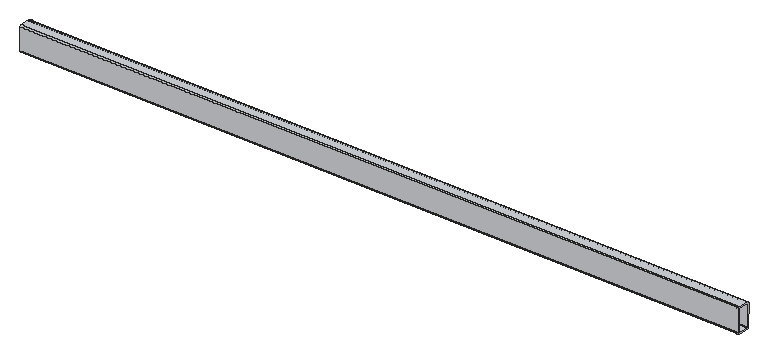
Revit family "CENTUM Profil XL 200 6m L2D", category HLS-Bauteile, Revit 2023
Family settings
  Bemaßung runder Anschluss = Durchmesser verwenden
  Teiletyp = Normal
  Arbeitsebenenbasiert = Ja
  Immer vertikal = Nein
  Beim Laden mit Abzugskörper schneiden = Nein
  Beschriftungsausrichtung beibehalten = Nein
  Gemeinsam genutzt = Ja
  Raumberechnungspunkt = Nein
Parameters (values of type "CENTUM Profil XL200 L=6000 L2D")
  vpe = "6"
  Widerstandsmoment Wz = "86.69 cm³"
  Widerstandsmoment Wy = "125.56 cm³"
  Default Elevation = 1219.2 mm
  Trägheitsradius iz = "4.24 cm"
  Trägheitsradius iy = "7.21 cm"
  Torsionswiderstandsmoment Wt = "185.25 cm³"
  Stärke = 5 mm
  Streckgrenze = "275 N/mm²"
  Schwerpunktabstand ez = " cm"
  Schwerpunktabstand eu = " cm"
  Schwerpunktabstand eo = " cm"
  Schlitzbreite = " mm"
  Regelhalter [instance] = ""
  Profiltyp = "XL 200"
  Profil = "CENTUM"
  Oberflaeche = "feuerstückverzinkt"
  Montagelänge [instance] = 6000 mm
  Mengeneinheit = "m"
  Materialname = "S235"
  Material = "Stahl"
  Länge = 6000 mm
  Lochdurchmesser = " mm"
  Langloch = "14.0 x 65.0 mm"
  Kurztext2 = "100 / 200 / 5 mm L= 6 m fsv"
  Kurztext1 = "Montageprofil CENTUM XL 200"
  Höhe = "200 mm"
  Gewicht pro Stück [instance] = (Gewicht * Montagelänge / (1000 mm * 1000 mm)) * 1000 mm  # 122.76 kg
  Gewicht pro Bauteil [instance] = Gewicht pro Stück  # 122.76 kg
  Gewicht = 20.46 kg
  Gesamtlänge [instance] = Montagelänge  # 6000 mm
  Gesamtgewicht [instance] = Gewicht pro Bauteil  # 122.76 kg
  Fläche (schwächster Profilquerschnitt) = 0.002415 m²
  Firma = "MEFA Befestigungs- und Montagesysteme GmbH"
  Fabrikat = "MEFA"
  Erweiterung Langloch = " mm"
  EAN = "4250928449399"
  Bund = "24 m"
  Breite = 100 mm
  Artikelnummer = "16020060"
  Anzahl Langloch [instance] = Montagelänge / 80 mm  # 75
  Abmessung = "100/200/5.0 mm"
Reference planes
  plane 1 "Mitte (Vorne/hinten)": y = 0
  plane 2: z = 0
  plane 3 "Mitte (Links/rechts)": x = 0
  plane 4: x = 6000
Forms (mm)
  Extrusion 1, solid, detail levels fine
    sketch origin (0, 0, 0) x (0, 1, 0) y (0, 0, 1)
      loop
        arc (42, 0) -> (47.657, 2.343) -> (50, 8) r 8
        line (50, 8) -> (50, 192)
        arc (50, 192) -> (47.657, 197.657) -> (42, 200) r 8
        line (42, 200) -> (-42, 200)
        arc (-42, 200) -> (-47.657, 197.657) -> (-50, 192) r 8
        line (-50, 192) -> (-50, 8)
        arc (-50, 8) -> (-47.657, 2.343) -> (-42, 0) r 8
        line (-42, 0) -> (42, 0)
      loop
        arc (-41, 195) -> (-43.828, 193.828) -> (-45, 191) r 4
        line (-45, 191) -> (-45, 9)
        arc (-45, 9) -> (-43.828, 6.172) -> (-41, 5) r 4
        line (-41, 5) -> (41, 5)
        arc (41, 5) -> (43.828, 6.172) -> (45, 9) r 4
        line (45, 9) -> (45, 191)
        arc (45, 191) -> (43.828, 193.828) -> (41, 195) r 4
        line (41, 195) -> (-41, 195)
    from 0 to 6000
  Extrusion 2, solid, detail levels medium
    sketch origin (0, 0, 0) x (0, 1, 0) y (0, 0, 1)
      loop
        line (50, 0) -> (50, 200) -> (-50, 200) -> (-50, 0) -> (50, 0)
      loop
        line (-45, 195) -> (-45, 5) -> (45, 5) -> (45, 195) -> (-45, 195)
    from 0 to 6000
  Extrusion 3, solid, detail levels coarse
    sketch origin (0, 0, 0) x (0, 1, 0) y (0, 0, 1)
      loop
        line (50, 0) -> (50, 200) -> (-50, 200) -> (-50, 0) -> (50, 0)
    from 0 to 6000
Lines and regions (mm)
  model lines
    curve 1: line (0, 0, 210) -> (0, 0, -10)
    curve 2: line (0, 60, 150) -> (0, -60, 150)
    curve 3: line (0, 60, 50) -> (0, -60, 50)
    curve 4: line (0, 60, 100) -> (0, -60, 100)
Dimensions and locks
  "Montagelänge": plane 4 to plane 3 "Mitte (Links/rechts)"
  equal spacing: group 1, group 2, group 3, group 4, group 5, group 6, group 7, group 8, group 9, group 10, group 11, group 12, group 13, group 14, group 15, group 16, group 17, group 18, group 19, group 20, group 21, group 22, group 23, group 24, group 25, group 26, group 27, group 28, group 29, group 30, group 31, group 32, group 33, group 34, group 35, group 36, group 37, group 38, group 39, group 40, group 41, group 42, group 43, group 44, group 45, group 46, group 47, group 48, group 49, group 50, group 51, group 52, group 53, group 54, group 55, group 56, group 57, group 58, group 59, group 60, group 61, group 62, group 63, group 64, group 65, group 66, group 67, group 68, group 69, group 70, group 71, group 72, group 73, group 74, group 75  (x3)
  aligned and locked: level to plane 2
  aligned and locked: plane 4 to Extrusion 1
  aligned and locked: Extrusion 3 to Extrusion 1
  aligned and locked: Extrusion 2 to Extrusion 1
  aligned and locked: plane 1 "Mitte (Vorne/hinten)" to nested 4
  aligned and locked: nested 1 to nested 4  (x2)
  aligned and locked: nested 5 to curve 2
  aligned and locked: nested 6 to curve 3
  aligned and locked: nested 2 to curve 2
  aligned and locked: nested 3 to curve 3
  aligned and locked: nested 2 to nested 5
  aligned and locked: nested 2 to nested 6
  aligned and locked: nested 3 to nested 6
  aligned and locked: nested 7 to nested 10  (x2)
  aligned and locked: nested 8 to nested 11
  aligned and locked: nested 8 to nested 12
  aligned and locked: nested 9 to nested 12
  aligned and locked: nested 13 to nested 16  (x2)
  aligned and locked: nested 14 to nested 17
  aligned and locked: nested 14 to nested 18
  aligned and locked: nested 15 to nested 18
  aligned and locked: nested 19 to nested 22  (x2)
  aligned and locked: nested 20 to nested 23
  aligned and locked: nested 20 to nested 24
  aligned and locked: nested 21 to nested 24
  aligned and locked: nested 25 to nested 28  (x2)
  aligned and locked: nested 26 to nested 29
  aligned and locked: nested 26 to nested 30
  aligned and locked: nested 27 to nested 30
  aligned and locked: nested 31 to nested 34  (x2)
  aligned and locked: nested 32 to nested 35
  aligned and locked: nested 32 to nested 36
  aligned and locked: nested 33 to nested 36
  aligned and locked: nested 37 to nested 40  (x2)
  aligned and locked: nested 38 to nested 41
  aligned and locked: nested 38 to nested 42
  aligned and locked: nested 39 to nested 42
  aligned and locked: nested 43 to nested 46  (x2)
  aligned and locked: nested 44 to nested 47
  aligned and locked: nested 44 to nested 48
  aligned and locked: nested 45 to nested 48
  aligned and locked: nested 49 to nested 52  (x2)
  aligned and locked: nested 50 to nested 53
  aligned and locked: nested 50 to nested 54
  aligned and locked: nested 51 to nested 54
  aligned and locked: nested 55 to nested 58  (x2)
  aligned and locked: nested 56 to nested 59
  aligned and locked: nested 56 to nested 60
  aligned and locked: nested 57 to nested 60
  aligned and locked: nested 61 to nested 64  (x2)
  aligned and locked: nested 62 to nested 65
  aligned and locked: nested 62 to nested 66
  aligned and locked: nested 63 to nested 66
  aligned and locked: nested 67 to nested 70  (x2)
  aligned and locked: nested 68 to nested 71
  aligned and locked: nested 68 to nested 72
  aligned and locked: nested 69 to nested 72
  aligned and locked: nested 73 to nested 76  (x2)
  aligned and locked: nested 74 to nested 77
  aligned and locked: nested 74 to nested 78
  aligned and locked: nested 75 to nested 78
  aligned and locked: nested 79 to nested 82  (x2)
  aligned and locked: nested 80 to nested 83
  aligned and locked: nested 80 to nested 84
  aligned and locked: nested 81 to nested 84
  aligned and locked: nested 85 to nested 88  (x2)
  aligned and locked: nested 86 to nested 89
  aligned and locked: nested 86 to nested 90
  aligned and locked: nested 87 to nested 90
  aligned and locked: nested 91 to nested 94  (x2)
  aligned and locked: nested 92 to nested 95
  aligned and locked: nested 92 to nested 96
  aligned and locked: nested 93 to nested 96
  aligned and locked: nested 97 to nested 100  (x2)
  aligned and locked: nested 98 to nested 101
  aligned and locked: nested 98 to nested 102
  aligned and locked: nested 99 to nested 102
  aligned and locked: nested 103 to nested 106  (x2)
  aligned and locked: nested 104 to nested 107
  aligned and locked: nested 104 to nested 108
  aligned and locked: nested 105 to nested 108
  aligned and locked: nested 109 to nested 112  (x2)
  aligned and locked: nested 110 to nested 113
  aligned and locked: nested 110 to nested 114
  aligned and locked: nested 111 to nested 114
  aligned and locked: nested 115 to nested 118  (x2)
  aligned and locked: nested 116 to nested 119
  aligned and locked: nested 116 to nested 120
  aligned and locked: nested 117 to nested 120
  aligned and locked: nested 121 to nested 124  (x2)
  aligned and locked: nested 122 to nested 125
  aligned and locked: nested 122 to nested 126
  aligned and locked: nested 123 to nested 126
  aligned and locked: nested 127 to nested 130  (x2)
  aligned and locked: nested 128 to nested 131
  aligned and locked: nested 128 to nested 132
  aligned and locked: nested 129 to nested 132
  aligned and locked: nested 133 to nested 136  (x2)
  aligned and locked: nested 134 to nested 137
  aligned and locked: nested 134 to nested 138
  aligned and locked: nested 135 to nested 138
  aligned and locked: nested 139 to nested 142  (x2)
  aligned and locked: nested 140 to nested 143
  aligned and locked: nested 140 to nested 144
  aligned and locked: nested 141 to nested 144
  aligned and locked: nested 145 to nested 148  (x2)
  aligned and locked: nested 146 to nested 149
  aligned and locked: nested 146 to nested 150
  aligned and locked: nested 147 to nested 150
  aligned and locked: nested 151 to nested 154  (x2)
  aligned and locked: nested 152 to nested 155
  aligned and locked: nested 152 to nested 156
  aligned and locked: nested 153 to nested 156
  aligned and locked: nested 157 to nested 160  (x2)
  aligned and locked: nested 158 to nested 161
  aligned and locked: nested 158 to nested 162
  aligned and locked: nested 159 to nested 162
  aligned and locked: nested 163 to nested 166  (x2)
  aligned and locked: nested 164 to nested 167
  aligned and locked: nested 164 to nested 168
  aligned and locked: nested 165 to nested 168
  aligned and locked: nested 169 to nested 172  (x2)
  aligned and locked: nested 170 to nested 173
  aligned and locked: nested 170 to nested 174
  aligned and locked: nested 171 to nested 174
  aligned and locked: nested 175 to nested 178  (x2)
  aligned and locked: nested 176 to nested 179
  aligned and locked: nested 176 to nested 180
  aligned and locked: nested 177 to nested 180
  aligned and locked: nested 181 to nested 184  (x2)
  aligned and locked: nested 182 to nested 185
  aligned and locked: nested 182 to nested 186
  aligned and locked: nested 183 to nested 186
  aligned and locked: nested 187 to nested 190  (x2)
  aligned and locked: nested 188 to nested 191
  aligned and locked: nested 188 to nested 192
  aligned and locked: nested 189 to nested 192
  aligned and locked: nested 193 to nested 196  (x2)
  aligned and locked: nested 194 to nested 197
  aligned and locked: nested 194 to nested 198
  aligned and locked: nested 195 to nested 198
  aligned and locked: nested 199 to nested 202  (x2)
  aligned and locked: nested 200 to nested 203
  aligned and locked: nested 200 to nested 204
  aligned and locked: nested 201 to nested 204
  aligned and locked: nested 205 to nested 208  (x2)
  aligned and locked: nested 206 to nested 209
  aligned and locked: nested 206 to nested 210
  aligned and locked: nested 207 to nested 210
  aligned and locked: nested 211 to nested 214  (x2)
  aligned and locked: nested 212 to nested 215
  aligned and locked: nested 212 to nested 216
  aligned and locked: nested 213 to nested 216
  aligned and locked: nested 217 to nested 220  (x2)
  aligned and locked: nested 218 to nested 221
  aligned and locked: nested 218 to nested 222
  aligned and locked: nested 219 to nested 222
  aligned and locked: nested 223 to nested 226  (x2)
  aligned and locked: nested 224 to nested 227
  aligned and locked: nested 224 to nested 228
  aligned and locked: nested 225 to nested 228
  aligned and locked: nested 229 to nested 232  (x2)
  aligned and locked: nested 230 to nested 233
  aligned and locked: nested 230 to nested 234
  aligned and locked: nested 231 to nested 234
  aligned and locked: nested 235 to nested 238  (x2)
  aligned and locked: nested 236 to nested 239
  aligned and locked: nested 236 to nested 240
  aligned and locked: nested 237 to nested 240
  aligned and locked: nested 241 to nested 244  (x2)
  aligned and locked: nested 242 to nested 245
  aligned and locked: nested 242 to nested 246
  aligned and locked: nested 243 to nested 246
  aligned and locked: nested 247 to nested 250  (x2)
  aligned and locked: nested 248 to nested 251
  aligned and locked: nested 248 to nested 252
  aligned and locked: nested 249 to nested 252
  aligned and locked: nested 253 to nested 256  (x2)
  aligned and locked: nested 254 to nested 257
  aligned and locked: nested 254 to nested 258
  aligned and locked: nested 255 to nested 258
  aligned and locked: nested 259 to nested 262  (x2)
  aligned and locked: nested 260 to nested 263
  aligned and locked: nested 260 to nested 264
  aligned and locked: nested 261 to nested 264
  aligned and locked: nested 265 to nested 268  (x2)
  aligned and locked: nested 266 to nested 269
  aligned and locked: nested 266 to nested 270
  aligned and locked: nested 267 to nested 270
  aligned and locked: nested 271 to nested 274  (x2)
  aligned and locked: nested 272 to nested 275
  aligned and locked: nested 272 to nested 276
  aligned and locked: nested 273 to nested 276
  aligned and locked: nested 277 to nested 280  (x2)
  aligned and locked: nested 278 to nested 281
  aligned and locked: nested 278 to nested 282
  aligned and locked: nested 279 to nested 282
  aligned and locked: nested 283 to nested 286  (x2)
  aligned and locked: nested 284 to nested 287
  aligned and locked: nested 284 to nested 288
  aligned and locked: nested 285 to nested 288
  aligned and locked: nested 289 to nested 292  (x2)
  aligned and locked: nested 290 to nested 293
  aligned and locked: nested 290 to nested 294
  aligned and locked: nested 291 to nested 294
  aligned and locked: nested 295 to nested 298  (x2)
  aligned and locked: nested 296 to nested 299
  aligned and locked: nested 296 to nested 300
  aligned and locked: nested 297 to nested 300
  aligned and locked: nested 301 to nested 304  (x2)
  aligned and locked: nested 302 to nested 305
  aligned and locked: nested 302 to nested 306
  aligned and locked: nested 303 to nested 306
  aligned and locked: nested 307 to nested 310  (x2)
  aligned and locked: nested 308 to nested 311
  aligned and locked: nested 308 to nested 312
  aligned and locked: nested 309 to nested 312
  aligned and locked: nested 313 to nested 316  (x2)
  aligned and locked: nested 314 to nested 317
  aligned and locked: nested 314 to nested 318
  aligned and locked: nested 315 to nested 318
  aligned and locked: nested 319 to nested 322  (x2)
  aligned and locked: nested 320 to nested 323
  aligned and locked: nested 320 to nested 324
  aligned and locked: nested 321 to nested 324
  aligned and locked: nested 325 to nested 328  (x2)
  aligned and locked: nested 326 to nested 329
  aligned and locked: nested 326 to nested 330
  aligned and locked: nested 327 to nested 330
  aligned and locked: nested 331 to nested 334  (x2)
  aligned and locked: nested 332 to nested 335
  aligned and locked: nested 332 to nested 336
  aligned and locked: nested 333 to nested 336
  aligned and locked: nested 337 to nested 340  (x2)
  aligned and locked: nested 338 to nested 341
  aligned and locked: nested 338 to nested 342
  aligned and locked: nested 339 to nested 342
  aligned and locked: nested 343 to nested 346  (x2)
  aligned and locked: nested 344 to nested 347
  aligned and locked: nested 344 to nested 348
  aligned and locked: nested 345 to nested 348
  aligned and locked: nested 349 to nested 352  (x2)
  aligned and locked: nested 350 to nested 353
  aligned and locked: nested 350 to nested 354
  aligned and locked: nested 351 to nested 354
  aligned and locked: nested 355 to nested 358  (x2)
  aligned and locked: nested 356 to nested 359
  aligned and locked: nested 356 to nested 360
  aligned and locked: nested 357 to nested 360
  aligned and locked: nested 361 to nested 364  (x2)
  aligned and locked: nested 362 to nested 365
  aligned and locked: nested 362 to nested 366
  aligned and locked: nested 363 to nested 366
  aligned and locked: nested 367 to nested 370  (x2)
  aligned and locked: nested 368 to nested 371
  aligned and locked: nested 368 to nested 372
  aligned and locked: nested 369 to nested 372
  aligned and locked: nested 373 to nested 376  (x2)
  aligned and locked: nested 374 to nested 377
  aligned and locked: nested 374 to nested 378
  aligned and locked: nested 375 to nested 378
  aligned and locked: nested 379 to nested 382  (x2)
  aligned and locked: nested 380 to nested 383
  aligned and locked: nested 380 to nested 384
  aligned and locked: nested 381 to nested 384
  aligned and locked: nested 385 to nested 388  (x2)
  aligned and locked: nested 386 to nested 389
  aligned and locked: nested 386 to nested 390
  aligned and locked: nested 387 to nested 390
  aligned and locked: nested 391 to nested 394  (x2)
  aligned and locked: nested 392 to nested 395
  aligned and locked: nested 392 to nested 396
  aligned and locked: nested 393 to nested 396
  aligned and locked: nested 397 to nested 400  (x2)
  aligned and locked: nested 398 to nested 401
  aligned and locked: nested 398 to nested 402
  aligned and locked: nested 399 to nested 402
  aligned and locked: nested 403 to nested 406  (x2)
  aligned and locked: nested 404 to nested 407
  aligned and locked: nested 404 to nested 408
  aligned and locked: nested 405 to nested 408
  aligned and locked: nested 409 to nested 412  (x2)
  aligned and locked: nested 410 to nested 413
  aligned and locked: nested 410 to nested 414
  aligned and locked: nested 411 to nested 414
  aligned and locked: nested 415 to nested 418  (x2)
  aligned and locked: nested 416 to nested 419
  aligned and locked: nested 416 to nested 420
  aligned and locked: nested 417 to nested 420
  aligned and locked: nested 421 to nested 424  (x2)
  aligned and locked: nested 422 to nested 425
  aligned and locked: nested 422 to nested 426
  aligned and locked: nested 423 to nested 426
  aligned and locked: nested 427 to nested 430  (x2)
  aligned and locked: nested 428 to nested 431
  aligned and locked: nested 428 to nested 432
  aligned and locked: nested 429 to nested 432
  aligned and locked: nested 433 to nested 436  (x2)
  aligned and locked: nested 434 to nested 437
  aligned and locked: nested 434 to nested 438
  aligned and locked: nested 435 to nested 438
  aligned and locked: nested 439 to nested 442  (x2)
  aligned and locked: nested 440 to nested 443
  aligned and locked: nested 440 to nested 444
  aligned and locked: nested 441 to nested 444
  aligned and locked: nested 445 to nested 448  (x2)
  aligned and locked: nested 446 to nested 449
  aligned and locked: nested 446 to nested 450
  aligned and locked: nested 447 to nested 450
Automatic sketch dimensions
  Extrusion 1 sketch curve to level = 0 mm
  level to Extrusion 1 sketch curve = 8 mm  (x2)
  plane 1 "Mitte (Vorne/hinten)" to Extrusion 1 sketch curve = 50 mm
  Extrusion 1 sketch curve to plane 1 "Mitte (Vorne/hinten)" = 42 mm  (x2)
  Extrusion 1 sketch curve to Extrusion 1 sketch curve = 184 mm
  Extrusion 1 sketch curve to Extrusion 1 sketch curve = 1 mm  (x7)
  Extrusion 1 sketch curve to Extrusion 1 sketch curve = 5 mm
  Extrusion 1 sketch curve to Extrusion 1 sketch curve = 3 mm
  curve 1 to plane 1 "Mitte (Vorne/hinten)" = 0 mm
  curve 1 to level = 10 mm
  plane 1 "Mitte (Vorne/hinten)" to curve 3 = 60 mm
  curve 4 to curve 3 = 0 mm
  curve 2 to curve 4 = 0 mm  (x2)
  curve 4 to plane 1 "Mitte (Vorne/hinten)" = 60 mm
  curve 3 to curve 4 = 0 mm
  level to curve 3 = 50 mm
  curve 3 to curve 4 = 50 mm
  curve 4 to curve 2 = 50 mm
  curve 2 to curve 1 = 60 mm
  level to Extrusion 2 sketch curve = 0 mm
  plane 1 "Mitte (Vorne/hinten)" to Extrusion 2 sketch curve = 50 mm
  Extrusion 2 sketch curve to Extrusion 2 sketch curve = 5 mm  (x4)
  Extrusion 2 sketch curve to Extrusion 2 sketch curve = 190 mm
  Extrusion 2 sketch curve to plane 1 "Mitte (Vorne/hinten)" = 45 mm
  Extrusion 3 sketch curve to level = 0 mm
  plane 1 "Mitte (Vorne/hinten)" to Extrusion 3 sketch curve = 50 mm
  Extrusion 3 sketch curve to plane 1 "Mitte (Vorne/hinten)" = 50 mm
  Extrusion 3 sketch curve to Extrusion 3 sketch curve = 200 mm
Nested families
  nested 1: "Langloch 14 x 65 2D" at (40, 0, 200) x (-1, 0, 0) z (0, 0, 1), type "Langloch 14 x 65 2D"
  nested 2: "Langloch 14 x 65 2D" at (40, -50, 150) x (-1, 0, 0) z (0, -1, 0), type "Langloch 14 x 65 2D"
  nested 3: "Langloch 14 x 65 2D" at (40, -50, 50) x (-1, 0, 0) z (0, -1, 0), type "Langloch 14 x 65 2D"
  nested 4: "Langloch 14 x 65 2D" at (40, 0, 0) x (-1, 0, 0) z (0, 0, -1), type "Langloch 14 x 65 2D"
  nested 5: "Langloch 14 x 65 2D" at (40, 50, 150) x (-1, 0, 0) z (0, 1, 0), type "Langloch 14 x 65 2D"
  nested 6: "Langloch 14 x 65 2D" at (40, 50, 50) x (-1, 0, 0) z (0, 1, 0), type "Langloch 14 x 65 2D"
  nested 7: "Langloch 14 x 65 2D" at (120, 0, 200) x (-1, 0, 0) z (0, 0, 1), type "Langloch 14 x 65 2D"
  nested 8: "Langloch 14 x 65 2D" at (120, -50, 150) x (-1, 0, 0) z (0, -1, 0), type "Langloch 14 x 65 2D"
  nested 9: "Langloch 14 x 65 2D" at (120, -50, 50) x (-1, 0, 0) z (0, -1, 0), type "Langloch 14 x 65 2D"
  nested 10: "Langloch 14 x 65 2D" at (120, 0, 0) x (-1, 0, 0) z (0, 0, -1), type "Langloch 14 x 65 2D"
  nested 11: "Langloch 14 x 65 2D" at (120, 50, 150) x (-1, 0, 0) z (0, 1, 0), type "Langloch 14 x 65 2D"
  nested 12: "Langloch 14 x 65 2D" at (120, 50, 50) x (-1, 0, 0) z (0, 1, 0), type "Langloch 14 x 65 2D"
  nested 13: "Langloch 14 x 65 2D" at (200, 0, 200) x (-1, 0, 0) z (0, 0, 1), type "Langloch 14 x 65 2D"
  nested 14: "Langloch 14 x 65 2D" at (200, -50, 150) x (-1, 0, 0) z (0, -1, 0), type "Langloch 14 x 65 2D"
  nested 15: "Langloch 14 x 65 2D" at (200, -50, 50) x (-1, 0, 0) z (0, -1, 0), type "Langloch 14 x 65 2D"
  nested 16: "Langloch 14 x 65 2D" at (200, 0, 0) x (-1, 0, 0) z (0, 0, -1), type "Langloch 14 x 65 2D"
  nested 17: "Langloch 14 x 65 2D" at (200, 50, 150) x (-1, 0, 0) z (0, 1, 0), type "Langloch 14 x 65 2D"
  nested 18: "Langloch 14 x 65 2D" at (200, 50, 50) x (-1, 0, 0) z (0, 1, 0), type "Langloch 14 x 65 2D"
  nested 19: "Langloch 14 x 65 2D" at (280, 0, 200) x (-1, 0, 0) z (0, 0, 1), type "Langloch 14 x 65 2D"
  nested 20: "Langloch 14 x 65 2D" at (280, -50, 150) x (-1, 0, 0) z (0, -1, 0), type "Langloch 14 x 65 2D"
  nested 21: "Langloch 14 x 65 2D" at (280, -50, 50) x (-1, 0, 0) z (0, -1, 0), type "Langloch 14 x 65 2D"
  nested 22: "Langloch 14 x 65 2D" at (280, 0, 0) x (-1, 0, 0) z (0, 0, -1), type "Langloch 14 x 65 2D"
  nested 23: "Langloch 14 x 65 2D" at (280, 50, 150) x (-1, 0, 0) z (0, 1, 0), type "Langloch 14 x 65 2D"
  nested 24: "Langloch 14 x 65 2D" at (280, 50, 50) x (-1, 0, 0) z (0, 1, 0), type "Langloch 14 x 65 2D"
  nested 25: "Langloch 14 x 65 2D" at (360, 0, 200) x (-1, 0, 0) z (0, 0, 1), type "Langloch 14 x 65 2D"
  nested 26: "Langloch 14 x 65 2D" at (360, -50, 150) x (-1, 0, 0) z (0, -1, 0), type "Langloch 14 x 65 2D"
  nested 27: "Langloch 14 x 65 2D" at (360, -50, 50) x (-1, 0, 0) z (0, -1, 0), type "Langloch 14 x 65 2D"
  nested 28: "Langloch 14 x 65 2D" at (360, 0, 0) x (-1, 0, 0) z (0, 0, -1), type "Langloch 14 x 65 2D"
  nested 29: "Langloch 14 x 65 2D" at (360, 50, 150) x (-1, 0, 0) z (0, 1, 0), type "Langloch 14 x 65 2D"
  nested 30: "Langloch 14 x 65 2D" at (360, 50, 50) x (-1, 0, 0) z (0, 1, 0), type "Langloch 14 x 65 2D"
  nested 31: "Langloch 14 x 65 2D" at (440, 0, 200) x (-1, 0, 0) z (0, 0, 1), type "Langloch 14 x 65 2D"
  nested 32: "Langloch 14 x 65 2D" at (440, -50, 150) x (-1, 0, 0) z (0, -1, 0), type "Langloch 14 x 65 2D"
  nested 33: "Langloch 14 x 65 2D" at (440, -50, 50) x (-1, 0, 0) z (0, -1, 0), type "Langloch 14 x 65 2D"
  nested 34: "Langloch 14 x 65 2D" at (440, 0, 0) x (-1, 0, 0) z (0, 0, -1), type "Langloch 14 x 65 2D"
  nested 35: "Langloch 14 x 65 2D" at (440, 50, 150) x (-1, 0, 0) z (0, 1, 0), type "Langloch 14 x 65 2D"
  nested 36: "Langloch 14 x 65 2D" at (440, 50, 50) x (-1, 0, 0) z (0, 1, 0), type "Langloch 14 x 65 2D"
  nested 37: "Langloch 14 x 65 2D" at (520, 0, 200) x (-1, 0, 0) z (0, 0, 1), type "Langloch 14 x 65 2D"
  nested 38: "Langloch 14 x 65 2D" at (520, -50, 150) x (-1, 0, 0) z (0, -1, 0), type "Langloch 14 x 65 2D"
  nested 39: "Langloch 14 x 65 2D" at (520, -50, 50) x (-1, 0, 0) z (0, -1, 0), type "Langloch 14 x 65 2D"
  nested 40: "Langloch 14 x 65 2D" at (520, 0, 0) x (-1, 0, 0) z (0, 0, -1), type "Langloch 14 x 65 2D"
  nested 41: "Langloch 14 x 65 2D" at (520, 50, 150) x (-1, 0, 0) z (0, 1, 0), type "Langloch 14 x 65 2D"
  nested 42: "Langloch 14 x 65 2D" at (520, 50, 50) x (-1, 0, 0) z (0, 1, 0), type "Langloch 14 x 65 2D"
  nested 43: "Langloch 14 x 65 2D" at (600, 0, 200) x (-1, 0, 0) z (0, 0, 1), type "Langloch 14 x 65 2D"
  nested 44: "Langloch 14 x 65 2D" at (600, -50, 150) x (-1, 0, 0) z (0, -1, 0), type "Langloch 14 x 65 2D"
  nested 45: "Langloch 14 x 65 2D" at (600, -50, 50) x (-1, 0, 0) z (0, -1, 0), type "Langloch 14 x 65 2D"
  nested 46: "Langloch 14 x 65 2D" at (600, 0, 0) x (-1, 0, 0) z (0, 0, -1), type "Langloch 14 x 65 2D"
  nested 47: "Langloch 14 x 65 2D" at (600, 50, 150) x (-1, 0, 0) z (0, 1, 0), type "Langloch 14 x 65 2D"
  nested 48: "Langloch 14 x 65 2D" at (600, 50, 50) x (-1, 0, 0) z (0, 1, 0), type "Langloch 14 x 65 2D"
  nested 49: "Langloch 14 x 65 2D" at (680, 0, 200) x (-1, 0, 0) z (0, 0, 1), type "Langloch 14 x 65 2D"
  nested 50: "Langloch 14 x 65 2D" at (680, -50, 150) x (-1, 0, 0) z (0, -1, 0), type "Langloch 14 x 65 2D"
  nested 51: "Langloch 14 x 65 2D" at (680, -50, 50) x (-1, 0, 0) z (0, -1, 0), type "Langloch 14 x 65 2D"
  nested 52: "Langloch 14 x 65 2D" at (680, 0, 0) x (-1, 0, 0) z (0, 0, -1), type "Langloch 14 x 65 2D"
  nested 53: "Langloch 14 x 65 2D" at (680, 50, 150) x (-1, 0, 0) z (0, 1, 0), type "Langloch 14 x 65 2D"
  nested 54: "Langloch 14 x 65 2D" at (680, 50, 50) x (-1, 0, 0) z (0, 1, 0), type "Langloch 14 x 65 2D"
  nested 55: "Langloch 14 x 65 2D" at (760, 0, 200) x (-1, 0, 0) z (0, 0, 1), type "Langloch 14 x 65 2D"
  nested 56: "Langloch 14 x 65 2D" at (760, -50, 150) x (-1, 0, 0) z (0, -1, 0), type "Langloch 14 x 65 2D"
  nested 57: "Langloch 14 x 65 2D" at (760, -50, 50) x (-1, 0, 0) z (0, -1, 0), type "Langloch 14 x 65 2D"
  nested 58: "Langloch 14 x 65 2D" at (760, 0, 0) x (-1, 0, 0) z (0, 0, -1), type "Langloch 14 x 65 2D"
  nested 59: "Langloch 14 x 65 2D" at (760, 50, 150) x (-1, 0, 0) z (0, 1, 0), type "Langloch 14 x 65 2D"
  nested 60: "Langloch 14 x 65 2D" at (760, 50, 50) x (-1, 0, 0) z (0, 1, 0), type "Langloch 14 x 65 2D"
  nested 61: "Langloch 14 x 65 2D" at (840, 0, 200) x (-1, 0, 0) z (0, 0, 1), type "Langloch 14 x 65 2D"
  nested 62: "Langloch 14 x 65 2D" at (840, -50, 150) x (-1, 0, 0) z (0, -1, 0), type "Langloch 14 x 65 2D"
  nested 63: "Langloch 14 x 65 2D" at (840, -50, 50) x (-1, 0, 0) z (0, -1, 0), type "Langloch 14 x 65 2D"
  nested 64: "Langloch 14 x 65 2D" at (840, 0, 0) x (-1, 0, 0) z (0, 0, -1), type "Langloch 14 x 65 2D"
  nested 65: "Langloch 14 x 65 2D" at (840, 50, 150) x (-1, 0, 0) z (0, 1, 0), type "Langloch 14 x 65 2D"
  nested 66: "Langloch 14 x 65 2D" at (840, 50, 50) x (-1, 0, 0) z (0, 1, 0), type "Langloch 14 x 65 2D"
  nested 67: "Langloch 14 x 65 2D" at (920, 0, 200) x (-1, 0, 0) z (0, 0, 1), type "Langloch 14 x 65 2D"
  nested 68: "Langloch 14 x 65 2D" at (920, -50, 150) x (-1, 0, 0) z (0, -1, 0), type "Langloch 14 x 65 2D"
  nested 69: "Langloch 14 x 65 2D" at (920, -50, 50) x (-1, 0, 0) z (0, -1, 0), type "Langloch 14 x 65 2D"
  nested 70: "Langloch 14 x 65 2D" at (920, 0, 0) x (-1, 0, 0) z (0, 0, -1), type "Langloch 14 x 65 2D"
  nested 71: "Langloch 14 x 65 2D" at (920, 50, 150) x (-1, 0, 0) z (0, 1, 0), type "Langloch 14 x 65 2D"
  nested 72: "Langloch 14 x 65 2D" at (920, 50, 50) x (-1, 0, 0) z (0, 1, 0), type "Langloch 14 x 65 2D"
  nested 73: "Langloch 14 x 65 2D" at (1000, 0, 200) x (-1, 0, 0) z (0, 0, 1), type "Langloch 14 x 65 2D"
  nested 74: "Langloch 14 x 65 2D" at (1000, -50, 150) x (-1, 0, 0) z (0, -1, 0), type "Langloch 14 x 65 2D"
  nested 75: "Langloch 14 x 65 2D" at (1000, -50, 50) x (-1, 0, 0) z (0, -1, 0), type "Langloch 14 x 65 2D"
  nested 76: "Langloch 14 x 65 2D" at (1000, 0, 0) x (-1, 0, 0) z (0, 0, -1), type "Langloch 14 x 65 2D"
  nested 77: "Langloch 14 x 65 2D" at (1000, 50, 150) x (-1, 0, 0) z (0, 1, 0), type "Langloch 14 x 65 2D"
  nested 78: "Langloch 14 x 65 2D" at (1000, 50, 50) x (-1, 0, 0) z (0, 1, 0), type "Langloch 14 x 65 2D"
  nested 79: "Langloch 14 x 65 2D" at (1080, 0, 200) x (-1, 0, 0) z (0, 0, 1), type "Langloch 14 x 65 2D"
  nested 80: "Langloch 14 x 65 2D" at (1080, -50, 150) x (-1, 0, 0) z (0, -1, 0), type "Langloch 14 x 65 2D"
  nested 81: "Langloch 14 x 65 2D" at (1080, -50, 50) x (-1, 0, 0) z (0, -1, 0), type "Langloch 14 x 65 2D"
  nested 82: "Langloch 14 x 65 2D" at (1080, 0, 0) x (-1, 0, 0) z (0, 0, -1), type "Langloch 14 x 65 2D"
  nested 83: "Langloch 14 x 65 2D" at (1080, 50, 150) x (-1, 0, 0) z (0, 1, 0), type "Langloch 14 x 65 2D"
  nested 84: "Langloch 14 x 65 2D" at (1080, 50, 50) x (-1, 0, 0) z (0, 1, 0), type "Langloch 14 x 65 2D"
  nested 85: "Langloch 14 x 65 2D" at (1160, 0, 200) x (-1, 0, 0) z (0, 0, 1), type "Langloch 14 x 65 2D"
  nested 86: "Langloch 14 x 65 2D" at (1160, -50, 150) x (-1, 0, 0) z (0, -1, 0), type "Langloch 14 x 65 2D"
  nested 87: "Langloch 14 x 65 2D" at (1160, -50, 50) x (-1, 0, 0) z (0, -1, 0), type "Langloch 14 x 65 2D"
  nested 88: "Langloch 14 x 65 2D" at (1160, 0, 0) x (-1, 0, 0) z (0, 0, -1), type "Langloch 14 x 65 2D"
  nested 89: "Langloch 14 x 65 2D" at (1160, 50, 150) x (-1, 0, 0) z (0, 1, 0), type "Langloch 14 x 65 2D"
  nested 90: "Langloch 14 x 65 2D" at (1160, 50, 50) x (-1, 0, 0) z (0, 1, 0), type "Langloch 14 x 65 2D"
  nested 91: "Langloch 14 x 65 2D" at (1240, 0, 200) x (-1, 0, 0) z (0, 0, 1), type "Langloch 14 x 65 2D"
  nested 92: "Langloch 14 x 65 2D" at (1240, -50, 150) x (-1, 0, 0) z (0, -1, 0), type "Langloch 14 x 65 2D"
  nested 93: "Langloch 14 x 65 2D" at (1240, -50, 50) x (-1, 0, 0) z (0, -1, 0), type "Langloch 14 x 65 2D"
  nested 94: "Langloch 14 x 65 2D" at (1240, 0, 0) x (-1, 0, 0) z (0, 0, -1), type "Langloch 14 x 65 2D"
  nested 95: "Langloch 14 x 65 2D" at (1240, 50, 150) x (-1, 0, 0) z (0, 1, 0), type "Langloch 14 x 65 2D"
  nested 96: "Langloch 14 x 65 2D" at (1240, 50, 50) x (-1, 0, 0) z (0, 1, 0), type "Langloch 14 x 65 2D"
  nested 97: "Langloch 14 x 65 2D" at (1320, 0, 200) x (-1, 0, 0) z (0, 0, 1), type "Langloch 14 x 65 2D"
  nested 98: "Langloch 14 x 65 2D" at (1320, -50, 150) x (-1, 0, 0) z (0, -1, 0), type "Langloch 14 x 65 2D"
  nested 99: "Langloch 14 x 65 2D" at (1320, -50, 50) x (-1, 0, 0) z (0, -1, 0), type "Langloch 14 x 65 2D"
  nested 100: "Langloch 14 x 65 2D" at (1320, 0, 0) x (-1, 0, 0) z (0, 0, -1), type "Langloch 14 x 65 2D"
  nested 101: "Langloch 14 x 65 2D" at (1320, 50, 150) x (-1, 0, 0) z (0, 1, 0), type "Langloch 14 x 65 2D"
  nested 102: "Langloch 14 x 65 2D" at (1320, 50, 50) x (-1, 0, 0) z (0, 1, 0), type "Langloch 14 x 65 2D"
  nested 103: "Langloch 14 x 65 2D" at (1400, 0, 200) x (-1, 0, 0) z (0, 0, 1), type "Langloch 14 x 65 2D"
  nested 104: "Langloch 14 x 65 2D" at (1400, -50, 150) x (-1, 0, 0) z (0, -1, 0), type "Langloch 14 x 65 2D"
  nested 105: "Langloch 14 x 65 2D" at (1400, -50, 50) x (-1, 0, 0) z (0, -1, 0), type "Langloch 14 x 65 2D"
  nested 106: "Langloch 14 x 65 2D" at (1400, 0, 0) x (-1, 0, 0) z (0, 0, -1), type "Langloch 14 x 65 2D"
  nested 107: "Langloch 14 x 65 2D" at (1400, 50, 150) x (-1, 0, 0) z (0, 1, 0), type "Langloch 14 x 65 2D"
  nested 108: "Langloch 14 x 65 2D" at (1400, 50, 50) x (-1, 0, 0) z (0, 1, 0), type "Langloch 14 x 65 2D"
  nested 109: "Langloch 14 x 65 2D" at (1480, 0, 200) x (-1, 0, 0) z (0, 0, 1), type "Langloch 14 x 65 2D"
  nested 110: "Langloch 14 x 65 2D" at (1480, -50, 150) x (-1, 0, 0) z (0, -1, 0), type "Langloch 14 x 65 2D"
  nested 111: "Langloch 14 x 65 2D" at (1480, -50, 50) x (-1, 0, 0) z (0, -1, 0), type "Langloch 14 x 65 2D"
  nested 112: "Langloch 14 x 65 2D" at (1480, 0, 0) x (-1, 0, 0) z (0, 0, -1), type "Langloch 14 x 65 2D"
  nested 113: "Langloch 14 x 65 2D" at (1480, 50, 150) x (-1, 0, 0) z (0, 1, 0), type "Langloch 14 x 65 2D"
  nested 114: "Langloch 14 x 65 2D" at (1480, 50, 50) x (-1, 0, 0) z (0, 1, 0), type "Langloch 14 x 65 2D"
  nested 115: "Langloch 14 x 65 2D" at (1560, 0, 200) x (-1, 0, 0) z (0, 0, 1), type "Langloch 14 x 65 2D"
  nested 116: "Langloch 14 x 65 2D" at (1560, -50, 150) x (-1, 0, 0) z (0, -1, 0), type "Langloch 14 x 65 2D"
  nested 117: "Langloch 14 x 65 2D" at (1560, -50, 50) x (-1, 0, 0) z (0, -1, 0), type "Langloch 14 x 65 2D"
  nested 118: "Langloch 14 x 65 2D" at (1560, 0, 0) x (-1, 0, 0) z (0, 0, -1), type "Langloch 14 x 65 2D"
  nested 119: "Langloch 14 x 65 2D" at (1560, 50, 150) x (-1, 0, 0) z (0, 1, 0), type "Langloch 14 x 65 2D"
  nested 120: "Langloch 14 x 65 2D" at (1560, 50, 50) x (-1, 0, 0) z (0, 1, 0), type "Langloch 14 x 65 2D"
  nested 121: "Langloch 14 x 65 2D" at (1640, 0, 200) x (-1, 0, 0) z (0, 0, 1), type "Langloch 14 x 65 2D"
  nested 122: "Langloch 14 x 65 2D" at (1640, -50, 150) x (-1, 0, 0) z (0, -1, 0), type "Langloch 14 x 65 2D"
  nested 123: "Langloch 14 x 65 2D" at (1640, -50, 50) x (-1, 0, 0) z (0, -1, 0), type "Langloch 14 x 65 2D"
  nested 124: "Langloch 14 x 65 2D" at (1640, 0, 0) x (-1, 0, 0) z (0, 0, -1), type "Langloch 14 x 65 2D"
  nested 125: "Langloch 14 x 65 2D" at (1640, 50, 150) x (-1, 0, 0) z (0, 1, 0), type "Langloch 14 x 65 2D"
  nested 126: "Langloch 14 x 65 2D" at (1640, 50, 50) x (-1, 0, 0) z (0, 1, 0), type "Langloch 14 x 65 2D"
  nested 127: "Langloch 14 x 65 2D" at (1720, 0, 200) x (-1, 0, 0) z (0, 0, 1), type "Langloch 14 x 65 2D"
  nested 128: "Langloch 14 x 65 2D" at (1720, -50, 150) x (-1, 0, 0) z (0, -1, 0), type "Langloch 14 x 65 2D"
  nested 129: "Langloch 14 x 65 2D" at (1720, -50, 50) x (-1, 0, 0) z (0, -1, 0), type "Langloch 14 x 65 2D"
  nested 130: "Langloch 14 x 65 2D" at (1720, 0, 0) x (-1, 0, 0) z (0, 0, -1), type "Langloch 14 x 65 2D"
  nested 131: "Langloch 14 x 65 2D" at (1720, 50, 150) x (-1, 0, 0) z (0, 1, 0), type "Langloch 14 x 65 2D"
  nested 132: "Langloch 14 x 65 2D" at (1720, 50, 50) x (-1, 0, 0) z (0, 1, 0), type "Langloch 14 x 65 2D"
  nested 133: "Langloch 14 x 65 2D" at (1800, 0, 200) x (-1, 0, 0) z (0, 0, 1), type "Langloch 14 x 65 2D"
  nested 134: "Langloch 14 x 65 2D" at (1800, -50, 150) x (-1, 0, 0) z (0, -1, 0), type "Langloch 14 x 65 2D"
  nested 135: "Langloch 14 x 65 2D" at (1800, -50, 50) x (-1, 0, 0) z (0, -1, 0), type "Langloch 14 x 65 2D"
  nested 136: "Langloch 14 x 65 2D" at (1800, 0, 0) x (-1, 0, 0) z (0, 0, -1), type "Langloch 14 x 65 2D"
  nested 137: "Langloch 14 x 65 2D" at (1800, 50, 150) x (-1, 0, 0) z (0, 1, 0), type "Langloch 14 x 65 2D"
  nested 138: "Langloch 14 x 65 2D" at (1800, 50, 50) x (-1, 0, 0) z (0, 1, 0), type "Langloch 14 x 65 2D"
  nested 139: "Langloch 14 x 65 2D" at (1880, 0, 200) x (-1, 0, 0) z (0, 0, 1), type "Langloch 14 x 65 2D"
  nested 140: "Langloch 14 x 65 2D" at (1880, -50, 150) x (-1, 0, 0) z (0, -1, 0), type "Langloch 14 x 65 2D"
  nested 141: "Langloch 14 x 65 2D" at (1880, -50, 50) x (-1, 0, 0) z (0, -1, 0), type "Langloch 14 x 65 2D"
  nested 142: "Langloch 14 x 65 2D" at (1880, 0, 0) x (-1, 0, 0) z (0, 0, -1), type "Langloch 14 x 65 2D"
  nested 143: "Langloch 14 x 65 2D" at (1880, 50, 150) x (-1, 0, 0) z (0, 1, 0), type "Langloch 14 x 65 2D"
  nested 144: "Langloch 14 x 65 2D" at (1880, 50, 50) x (-1, 0, 0) z (0, 1, 0), type "Langloch 14 x 65 2D"
  nested 145: "Langloch 14 x 65 2D" at (1960, 0, 200) x (-1, 0, 0) z (0, 0, 1), type "Langloch 14 x 65 2D"
  nested 146: "Langloch 14 x 65 2D" at (1960, -50, 150) x (-1, 0, 0) z (0, -1, 0), type "Langloch 14 x 65 2D"
  nested 147: "Langloch 14 x 65 2D" at (1960, -50, 50) x (-1, 0, 0) z (0, -1, 0), type "Langloch 14 x 65 2D"
  nested 148: "Langloch 14 x 65 2D" at (1960, 0, 0) x (-1, 0, 0) z (0, 0, -1), type "Langloch 14 x 65 2D"
  nested 149: "Langloch 14 x 65 2D" at (1960, 50, 150) x (-1, 0, 0) z (0, 1, 0), type "Langloch 14 x 65 2D"
  nested 150: "Langloch 14 x 65 2D" at (1960, 50, 50) x (-1, 0, 0) z (0, 1, 0), type "Langloch 14 x 65 2D"
  nested 151: "Langloch 14 x 65 2D" at (2040, 0, 200) x (-1, 0, 0) z (0, 0, 1), type "Langloch 14 x 65 2D"
  nested 152: "Langloch 14 x 65 2D" at (2040, -50, 150) x (-1, 0, 0) z (0, -1, 0), type "Langloch 14 x 65 2D"
  nested 153: "Langloch 14 x 65 2D" at (2040, -50, 50) x (-1, 0, 0) z (0, -1, 0), type "Langloch 14 x 65 2D"
  nested 154: "Langloch 14 x 65 2D" at (2040, 0, 0) x (-1, 0, 0) z (0, 0, -1), type "Langloch 14 x 65 2D"
  nested 155: "Langloch 14 x 65 2D" at (2040, 50, 150) x (-1, 0, 0) z (0, 1, 0), type "Langloch 14 x 65 2D"
  nested 156: "Langloch 14 x 65 2D" at (2040, 50, 50) x (-1, 0, 0) z (0, 1, 0), type "Langloch 14 x 65 2D"
  nested 157: "Langloch 14 x 65 2D" at (2120, 0, 200) x (-1, 0, 0) z (0, 0, 1), type "Langloch 14 x 65 2D"
  nested 158: "Langloch 14 x 65 2D" at (2120, -50, 150) x (-1, 0, 0) z (0, -1, 0), type "Langloch 14 x 65 2D"
  nested 159: "Langloch 14 x 65 2D" at (2120, -50, 50) x (-1, 0, 0) z (0, -1, 0), type "Langloch 14 x 65 2D"
  nested 160: "Langloch 14 x 65 2D" at (2120, 0, 0) x (-1, 0, 0) z (0, 0, -1), type "Langloch 14 x 65 2D"
  nested 161: "Langloch 14 x 65 2D" at (2120, 50, 150) x (-1, 0, 0) z (0, 1, 0), type "Langloch 14 x 65 2D"
  nested 162: "Langloch 14 x 65 2D" at (2120, 50, 50) x (-1, 0, 0) z (0, 1, 0), type "Langloch 14 x 65 2D"
  nested 163: "Langloch 14 x 65 2D" at (2200, 0, 200) x (-1, 0, 0) z (0, 0, 1), type "Langloch 14 x 65 2D"
  nested 164: "Langloch 14 x 65 2D" at (2200, -50, 150) x (-1, 0, 0) z (0, -1, 0), type "Langloch 14 x 65 2D"
  nested 165: "Langloch 14 x 65 2D" at (2200, -50, 50) x (-1, 0, 0) z (0, -1, 0), type "Langloch 14 x 65 2D"
  nested 166: "Langloch 14 x 65 2D" at (2200, 0, 0) x (-1, 0, 0) z (0, 0, -1), type "Langloch 14 x 65 2D"
  nested 167: "Langloch 14 x 65 2D" at (2200, 50, 150) x (-1, 0, 0) z (0, 1, 0), type "Langloch 14 x 65 2D"
  nested 168: "Langloch 14 x 65 2D" at (2200, 50, 50) x (-1, 0, 0) z (0, 1, 0), type "Langloch 14 x 65 2D"
  nested 169: "Langloch 14 x 65 2D" at (2280, 0, 200) x (-1, 0, 0) z (0, 0, 1), type "Langloch 14 x 65 2D"
  nested 170: "Langloch 14 x 65 2D" at (2280, -50, 150) x (-1, 0, 0) z (0, -1, 0), type "Langloch 14 x 65 2D"
  nested 171: "Langloch 14 x 65 2D" at (2280, -50, 50) x (-1, 0, 0) z (0, -1, 0), type "Langloch 14 x 65 2D"
  nested 172: "Langloch 14 x 65 2D" at (2280, 0, 0) x (-1, 0, 0) z (0, 0, -1), type "Langloch 14 x 65 2D"
  nested 173: "Langloch 14 x 65 2D" at (2280, 50, 150) x (-1, 0, 0) z (0, 1, 0), type "Langloch 14 x 65 2D"
  nested 174: "Langloch 14 x 65 2D" at (2280, 50, 50) x (-1, 0, 0) z (0, 1, 0), type "Langloch 14 x 65 2D"
  nested 175: "Langloch 14 x 65 2D" at (2360, 0, 200) x (-1, 0, 0) z (0, 0, 1), type "Langloch 14 x 65 2D"
  nested 176: "Langloch 14 x 65 2D" at (2360, -50, 150) x (-1, 0, 0) z (0, -1, 0), type "Langloch 14 x 65 2D"
  nested 177: "Langloch 14 x 65 2D" at (2360, -50, 50) x (-1, 0, 0) z (0, -1, 0), type "Langloch 14 x 65 2D"
  nested 178: "Langloch 14 x 65 2D" at (2360, 0, 0) x (-1, 0, 0) z (0, 0, -1), type "Langloch 14 x 65 2D"
  nested 179: "Langloch 14 x 65 2D" at (2360, 50, 150) x (-1, 0, 0) z (0, 1, 0), type "Langloch 14 x 65 2D"
  nested 180: "Langloch 14 x 65 2D" at (2360, 50, 50) x (-1, 0, 0) z (0, 1, 0), type "Langloch 14 x 65 2D"
  nested 181: "Langloch 14 x 65 2D" at (2440, 0, 200) x (-1, 0, 0) z (0, 0, 1), type "Langloch 14 x 65 2D"
  nested 182: "Langloch 14 x 65 2D" at (2440, -50, 150) x (-1, 0, 0) z (0, -1, 0), type "Langloch 14 x 65 2D"
  nested 183: "Langloch 14 x 65 2D" at (2440, -50, 50) x (-1, 0, 0) z (0, -1, 0), type "Langloch 14 x 65 2D"
  nested 184: "Langloch 14 x 65 2D" at (2440, 0, 0) x (-1, 0, 0) z (0, 0, -1), type "Langloch 14 x 65 2D"
  nested 185: "Langloch 14 x 65 2D" at (2440, 50, 150) x (-1, 0, 0) z (0, 1, 0), type "Langloch 14 x 65 2D"
  nested 186: "Langloch 14 x 65 2D" at (2440, 50, 50) x (-1, 0, 0) z (0, 1, 0), type "Langloch 14 x 65 2D"
  nested 187: "Langloch 14 x 65 2D" at (2520, 0, 200) x (-1, 0, 0) z (0, 0, 1), type "Langloch 14 x 65 2D"
  nested 188: "Langloch 14 x 65 2D" at (2520, -50, 150) x (-1, 0, 0) z (0, -1, 0), type "Langloch 14 x 65 2D"
  nested 189: "Langloch 14 x 65 2D" at (2520, -50, 50) x (-1, 0, 0) z (0, -1, 0), type "Langloch 14 x 65 2D"
  nested 190: "Langloch 14 x 65 2D" at (2520, 0, 0) x (-1, 0, 0) z (0, 0, -1), type "Langloch 14 x 65 2D"
  nested 191: "Langloch 14 x 65 2D" at (2520, 50, 150) x (-1, 0, 0) z (0, 1, 0), type "Langloch 14 x 65 2D"
  nested 192: "Langloch 14 x 65 2D" at (2520, 50, 50) x (-1, 0, 0) z (0, 1, 0), type "Langloch 14 x 65 2D"
  nested 193: "Langloch 14 x 65 2D" at (2600, 0, 200) x (-1, 0, 0) z (0, 0, 1), type "Langloch 14 x 65 2D"
  nested 194: "Langloch 14 x 65 2D" at (2600, -50, 150) x (-1, 0, 0) z (0, -1, 0), type "Langloch 14 x 65 2D"
  nested 195: "Langloch 14 x 65 2D" at (2600, -50, 50) x (-1, 0, 0) z (0, -1, 0), type "Langloch 14 x 65 2D"
  nested 196: "Langloch 14 x 65 2D" at (2600, 0, 0) x (-1, 0, 0) z (0, 0, -1), type "Langloch 14 x 65 2D"
  nested 197: "Langloch 14 x 65 2D" at (2600, 50, 150) x (-1, 0, 0) z (0, 1, 0), type "Langloch 14 x 65 2D"
  nested 198: "Langloch 14 x 65 2D" at (2600, 50, 50) x (-1, 0, 0) z (0, 1, 0), type "Langloch 14 x 65 2D"
  nested 199: "Langloch 14 x 65 2D" at (2680, 0, 200) x (-1, 0, 0) z (0, 0, 1), type "Langloch 14 x 65 2D"
  nested 200: "Langloch 14 x 65 2D" at (2680, -50, 150) x (-1, 0, 0) z (0, -1, 0), type "Langloch 14 x 65 2D"
  nested 201: "Langloch 14 x 65 2D" at (2680, -50, 50) x (-1, 0, 0) z (0, -1, 0), type "Langloch 14 x 65 2D"
  nested 202: "Langloch 14 x 65 2D" at (2680, 0, 0) x (-1, 0, 0) z (0, 0, -1), type "Langloch 14 x 65 2D"
  nested 203: "Langloch 14 x 65 2D" at (2680, 50, 150) x (-1, 0, 0) z (0, 1, 0), type "Langloch 14 x 65 2D"
  nested 204: "Langloch 14 x 65 2D" at (2680, 50, 50) x (-1, 0, 0) z (0, 1, 0), type "Langloch 14 x 65 2D"
  nested 205: "Langloch 14 x 65 2D" at (2760, 0, 200) x (-1, 0, 0) z (0, 0, 1), type "Langloch 14 x 65 2D"
  nested 206: "Langloch 14 x 65 2D" at (2760, -50, 150) x (-1, 0, 0) z (0, -1, 0), type "Langloch 14 x 65 2D"
  nested 207: "Langloch 14 x 65 2D" at (2760, -50, 50) x (-1, 0, 0) z (0, -1, 0), type "Langloch 14 x 65 2D"
  nested 208: "Langloch 14 x 65 2D" at (2760, 0, 0) x (-1, 0, 0) z (0, 0, -1), type "Langloch 14 x 65 2D"
  nested 209: "Langloch 14 x 65 2D" at (2760, 50, 150) x (-1, 0, 0) z (0, 1, 0), type "Langloch 14 x 65 2D"
  nested 210: "Langloch 14 x 65 2D" at (2760, 50, 50) x (-1, 0, 0) z (0, 1, 0), type "Langloch 14 x 65 2D"
  nested 211: "Langloch 14 x 65 2D" at (2840, 0, 200) x (-1, 0, 0) z (0, 0, 1), type "Langloch 14 x 65 2D"
  nested 212: "Langloch 14 x 65 2D" at (2840, -50, 150) x (-1, 0, 0) z (0, -1, 0), type "Langloch 14 x 65 2D"
  nested 213: "Langloch 14 x 65 2D" at (2840, -50, 50) x (-1, 0, 0) z (0, -1, 0), type "Langloch 14 x 65 2D"
  nested 214: "Langloch 14 x 65 2D" at (2840, 0, 0) x (-1, 0, 0) z (0, 0, -1), type "Langloch 14 x 65 2D"
  nested 215: "Langloch 14 x 65 2D" at (2840, 50, 150) x (-1, 0, 0) z (0, 1, 0), type "Langloch 14 x 65 2D"
  nested 216: "Langloch 14 x 65 2D" at (2840, 50, 50) x (-1, 0, 0) z (0, 1, 0), type "Langloch 14 x 65 2D"
  nested 217: "Langloch 14 x 65 2D" at (2920, 0, 200) x (-1, 0, 0) z (0, 0, 1), type "Langloch 14 x 65 2D"
  nested 218: "Langloch 14 x 65 2D" at (2920, -50, 150) x (-1, 0, 0) z (0, -1, 0), type "Langloch 14 x 65 2D"
  nested 219: "Langloch 14 x 65 2D" at (2920, -50, 50) x (-1, 0, 0) z (0, -1, 0), type "Langloch 14 x 65 2D"
  nested 220: "Langloch 14 x 65 2D" at (2920, 0, 0) x (-1, 0, 0) z (0, 0, -1), type "Langloch 14 x 65 2D"
  nested 221: "Langloch 14 x 65 2D" at (2920, 50, 150) x (-1, 0, 0) z (0, 1, 0), type "Langloch 14 x 65 2D"
  nested 222: "Langloch 14 x 65 2D" at (2920, 50, 50) x (-1, 0, 0) z (0, 1, 0), type "Langloch 14 x 65 2D"
  nested 223: "Langloch 14 x 65 2D" at (3000, 0, 200) x (-1, 0, 0) z (0, 0, 1), type "Langloch 14 x 65 2D"
  nested 224: "Langloch 14 x 65 2D" at (3000, -50, 150) x (-1, 0, 0) z (0, -1, 0), type "Langloch 14 x 65 2D"
  nested 225: "Langloch 14 x 65 2D" at (3000, -50, 50) x (-1, 0, 0) z (0, -1, 0), type "Langloch 14 x 65 2D"
  nested 226: "Langloch 14 x 65 2D" at (3000, 0, 0) x (-1, 0, 0) z (0, 0, -1), type "Langloch 14 x 65 2D"
  nested 227: "Langloch 14 x 65 2D" at (3000, 50, 150) x (-1, 0, 0) z (0, 1, 0), type "Langloch 14 x 65 2D"
  nested 228: "Langloch 14 x 65 2D" at (3000, 50, 50) x (-1, 0, 0) z (0, 1, 0), type "Langloch 14 x 65 2D"
  nested 229: "Langloch 14 x 65 2D" at (3080, 0, 200) x (-1, 0, 0) z (0, 0, 1), type "Langloch 14 x 65 2D"
  nested 230: "Langloch 14 x 65 2D" at (3080, -50, 150) x (-1, 0, 0) z (0, -1, 0), type "Langloch 14 x 65 2D"
  nested 231: "Langloch 14 x 65 2D" at (3080, -50, 50) x (-1, 0, 0) z (0, -1, 0), type "Langloch 14 x 65 2D"
  nested 232: "Langloch 14 x 65 2D" at (3080, 0, 0) x (-1, 0, 0) z (0, 0, -1), type "Langloch 14 x 65 2D"
  nested 233: "Langloch 14 x 65 2D" at (3080, 50, 150) x (-1, 0, 0) z (0, 1, 0), type "Langloch 14 x 65 2D"
  nested 234: "Langloch 14 x 65 2D" at (3080, 50, 50) x (-1, 0, 0) z (0, 1, 0), type "Langloch 14 x 65 2D"
  nested 235: "Langloch 14 x 65 2D" at (3160, 0, 200) x (-1, 0, 0) z (0, 0, 1), type "Langloch 14 x 65 2D"
  nested 236: "Langloch 14 x 65 2D" at (3160, -50, 150) x (-1, 0, 0) z (0, -1, 0), type "Langloch 14 x 65 2D"
  nested 237: "Langloch 14 x 65 2D" at (3160, -50, 50) x (-1, 0, 0) z (0, -1, 0), type "Langloch 14 x 65 2D"
  nested 238: "Langloch 14 x 65 2D" at (3160, 0, 0) x (-1, 0, 0) z (0, 0, -1), type "Langloch 14 x 65 2D"
  nested 239: "Langloch 14 x 65 2D" at (3160, 50, 150) x (-1, 0, 0) z (0, 1, 0), type "Langloch 14 x 65 2D"
  nested 240: "Langloch 14 x 65 2D" at (3160, 50, 50) x (-1, 0, 0) z (0, 1, 0), type "Langloch 14 x 65 2D"
  nested 241: "Langloch 14 x 65 2D" at (3240, 0, 200) x (-1, 0, 0) z (0, 0, 1), type "Langloch 14 x 65 2D"
  nested 242: "Langloch 14 x 65 2D" at (3240, -50, 150) x (-1, 0, 0) z (0, -1, 0), type "Langloch 14 x 65 2D"
  nested 243: "Langloch 14 x 65 2D" at (3240, -50, 50) x (-1, 0, 0) z (0, -1, 0), type "Langloch 14 x 65 2D"
  nested 244: "Langloch 14 x 65 2D" at (3240, 0, 0) x (-1, 0, 0) z (0, 0, -1), type "Langloch 14 x 65 2D"
  nested 245: "Langloch 14 x 65 2D" at (3240, 50, 150) x (-1, 0, 0) z (0, 1, 0), type "Langloch 14 x 65 2D"
  nested 246: "Langloch 14 x 65 2D" at (3240, 50, 50) x (-1, 0, 0) z (0, 1, 0), type "Langloch 14 x 65 2D"
  nested 247: "Langloch 14 x 65 2D" at (3320, 0, 200) x (-1, 0, 0) z (0, 0, 1), type "Langloch 14 x 65 2D"
  nested 248: "Langloch 14 x 65 2D" at (3320, -50, 150) x (-1, 0, 0) z (0, -1, 0), type "Langloch 14 x 65 2D"
  nested 249: "Langloch 14 x 65 2D" at (3320, -50, 50) x (-1, 0, 0) z (0, -1, 0), type "Langloch 14 x 65 2D"
  nested 250: "Langloch 14 x 65 2D" at (3320, 0, 0) x (-1, 0, 0) z (0, 0, -1), type "Langloch 14 x 65 2D"
  nested 251: "Langloch 14 x 65 2D" at (3320, 50, 150) x (-1, 0, 0) z (0, 1, 0), type "Langloch 14 x 65 2D"
  nested 252: "Langloch 14 x 65 2D" at (3320, 50, 50) x (-1, 0, 0) z (0, 1, 0), type "Langloch 14 x 65 2D"
  nested 253: "Langloch 14 x 65 2D" at (3400, 0, 200) x (-1, 0, 0) z (0, 0, 1), type "Langloch 14 x 65 2D"
  nested 254: "Langloch 14 x 65 2D" at (3400, -50, 150) x (-1, 0, 0) z (0, -1, 0), type "Langloch 14 x 65 2D"
  nested 255: "Langloch 14 x 65 2D" at (3400, -50, 50) x (-1, 0, 0) z (0, -1, 0), type "Langloch 14 x 65 2D"
  nested 256: "Langloch 14 x 65 2D" at (3400, 0, 0) x (-1, 0, 0) z (0, 0, -1), type "Langloch 14 x 65 2D"
  nested 257: "Langloch 14 x 65 2D" at (3400, 50, 150) x (-1, 0, 0) z (0, 1, 0), type "Langloch 14 x 65 2D"
  nested 258: "Langloch 14 x 65 2D" at (3400, 50, 50) x (-1, 0, 0) z (0, 1, 0), type "Langloch 14 x 65 2D"
  nested 259: "Langloch 14 x 65 2D" at (3480, 0, 200) x (-1, 0, 0) z (0, 0, 1), type "Langloch 14 x 65 2D"
  nested 260: "Langloch 14 x 65 2D" at (3480, -50, 150) x (-1, 0, 0) z (0, -1, 0), type "Langloch 14 x 65 2D"
  nested 261: "Langloch 14 x 65 2D" at (3480, -50, 50) x (-1, 0, 0) z (0, -1, 0), type "Langloch 14 x 65 2D"
  nested 262: "Langloch 14 x 65 2D" at (3480, 0, 0) x (-1, 0, 0) z (0, 0, -1), type "Langloch 14 x 65 2D"
  nested 263: "Langloch 14 x 65 2D" at (3480, 50, 150) x (-1, 0, 0) z (0, 1, 0), type "Langloch 14 x 65 2D"
  nested 264: "Langloch 14 x 65 2D" at (3480, 50, 50) x (-1, 0, 0) z (0, 1, 0), type "Langloch 14 x 65 2D"
  nested 265: "Langloch 14 x 65 2D" at (3560, 0, 200) x (-1, 0, 0) z (0, 0, 1), type "Langloch 14 x 65 2D"
  nested 266: "Langloch 14 x 65 2D" at (3560, -50, 150) x (-1, 0, 0) z (0, -1, 0), type "Langloch 14 x 65 2D"
  nested 267: "Langloch 14 x 65 2D" at (3560, -50, 50) x (-1, 0, 0) z (0, -1, 0), type "Langloch 14 x 65 2D"
  nested 268: "Langloch 14 x 65 2D" at (3560, 0, 0) x (-1, 0, 0) z (0, 0, -1), type "Langloch 14 x 65 2D"
  nested 269: "Langloch 14 x 65 2D" at (3560, 50, 150) x (-1, 0, 0) z (0, 1, 0), type "Langloch 14 x 65 2D"
  nested 270: "Langloch 14 x 65 2D" at (3560, 50, 50) x (-1, 0, 0) z (0, 1, 0), type "Langloch 14 x 65 2D"
  nested 271: "Langloch 14 x 65 2D" at (3640, 0, 200) x (-1, 0, 0) z (0, 0, 1), type "Langloch 14 x 65 2D"
  nested 272: "Langloch 14 x 65 2D" at (3640, -50, 150) x (-1, 0, 0) z (0, -1, 0), type "Langloch 14 x 65 2D"
  nested 273: "Langloch 14 x 65 2D" at (3640, -50, 50) x (-1, 0, 0) z (0, -1, 0), type "Langloch 14 x 65 2D"
  nested 274: "Langloch 14 x 65 2D" at (3640, 0, 0) x (-1, 0, 0) z (0, 0, -1), type "Langloch 14 x 65 2D"
  nested 275: "Langloch 14 x 65 2D" at (3640, 50, 150) x (-1, 0, 0) z (0, 1, 0), type "Langloch 14 x 65 2D"
  nested 276: "Langloch 14 x 65 2D" at (3640, 50, 50) x (-1, 0, 0) z (0, 1, 0), type "Langloch 14 x 65 2D"
  nested 277: "Langloch 14 x 65 2D" at (3720, 0, 200) x (-1, 0, 0) z (0, 0, 1), type "Langloch 14 x 65 2D"
  nested 278: "Langloch 14 x 65 2D" at (3720, -50, 150) x (-1, 0, 0) z (0, -1, 0), type "Langloch 14 x 65 2D"
  nested 279: "Langloch 14 x 65 2D" at (3720, -50, 50) x (-1, 0, 0) z (0, -1, 0), type "Langloch 14 x 65 2D"
  nested 280: "Langloch 14 x 65 2D" at (3720, 0, 0) x (-1, 0, 0) z (0, 0, -1), type "Langloch 14 x 65 2D"
  nested 281: "Langloch 14 x 65 2D" at (3720, 50, 150) x (-1, 0, 0) z (0, 1, 0), type "Langloch 14 x 65 2D"
  nested 282: "Langloch 14 x 65 2D" at (3720, 50, 50) x (-1, 0, 0) z (0, 1, 0), type "Langloch 14 x 65 2D"
  nested 283: "Langloch 14 x 65 2D" at (3800, 0, 200) x (-1, 0, 0) z (0, 0, 1), type "Langloch 14 x 65 2D"
  nested 284: "Langloch 14 x 65 2D" at (3800, -50, 150) x (-1, 0, 0) z (0, -1, 0), type "Langloch 14 x 65 2D"
  nested 285: "Langloch 14 x 65 2D" at (3800, -50, 50) x (-1, 0, 0) z (0, -1, 0), type "Langloch 14 x 65 2D"
  nested 286: "Langloch 14 x 65 2D" at (3800, 0, 0) x (-1, 0, 0) z (0, 0, -1), type "Langloch 14 x 65 2D"
  nested 287: "Langloch 14 x 65 2D" at (3800, 50, 150) x (-1, 0, 0) z (0, 1, 0), type "Langloch 14 x 65 2D"
  nested 288: "Langloch 14 x 65 2D" at (3800, 50, 50) x (-1, 0, 0) z (0, 1, 0), type "Langloch 14 x 65 2D"
  nested 289: "Langloch 14 x 65 2D" at (3880, 0, 200) x (-1, 0, 0) z (0, 0, 1), type "Langloch 14 x 65 2D"
  nested 290: "Langloch 14 x 65 2D" at (3880, -50, 150) x (-1, 0, 0) z (0, -1, 0), type "Langloch 14 x 65 2D"
  nested 291: "Langloch 14 x 65 2D" at (3880, -50, 50) x (-1, 0, 0) z (0, -1, 0), type "Langloch 14 x 65 2D"
  nested 292: "Langloch 14 x 65 2D" at (3880, 0, 0) x (-1, 0, 0) z (0, 0, -1), type "Langloch 14 x 65 2D"
  nested 293: "Langloch 14 x 65 2D" at (3880, 50, 150) x (-1, 0, 0) z (0, 1, 0), type "Langloch 14 x 65 2D"
  nested 294: "Langloch 14 x 65 2D" at (3880, 50, 50) x (-1, 0, 0) z (0, 1, 0), type "Langloch 14 x 65 2D"
  nested 295: "Langloch 14 x 65 2D" at (3960, 0, 200) x (-1, 0, 0) z (0, 0, 1), type "Langloch 14 x 65 2D"
  nested 296: "Langloch 14 x 65 2D" at (3960, -50, 150) x (-1, 0, 0) z (0, -1, 0), type "Langloch 14 x 65 2D"
  nested 297: "Langloch 14 x 65 2D" at (3960, -50, 50) x (-1, 0, 0) z (0, -1, 0), type "Langloch 14 x 65 2D"
  nested 298: "Langloch 14 x 65 2D" at (3960, 0, 0) x (-1, 0, 0) z (0, 0, -1), type "Langloch 14 x 65 2D"
  nested 299: "Langloch 14 x 65 2D" at (3960, 50, 150) x (-1, 0, 0) z (0, 1, 0), type "Langloch 14 x 65 2D"
  nested 300: "Langloch 14 x 65 2D" at (3960, 50, 50) x (-1, 0, 0) z (0, 1, 0), type "Langloch 14 x 65 2D"
  nested 301: "Langloch 14 x 65 2D" at (4040, 0, 200) x (-1, 0, 0) z (0, 0, 1), type "Langloch 14 x 65 2D"
  nested 302: "Langloch 14 x 65 2D" at (4040, -50, 150) x (-1, 0, 0) z (0, -1, 0), type "Langloch 14 x 65 2D"
  nested 303: "Langloch 14 x 65 2D" at (4040, -50, 50) x (-1, 0, 0) z (0, -1, 0), type "Langloch 14 x 65 2D"
  nested 304: "Langloch 14 x 65 2D" at (4040, 0, 0) x (-1, 0, 0) z (0, 0, -1), type "Langloch 14 x 65 2D"
